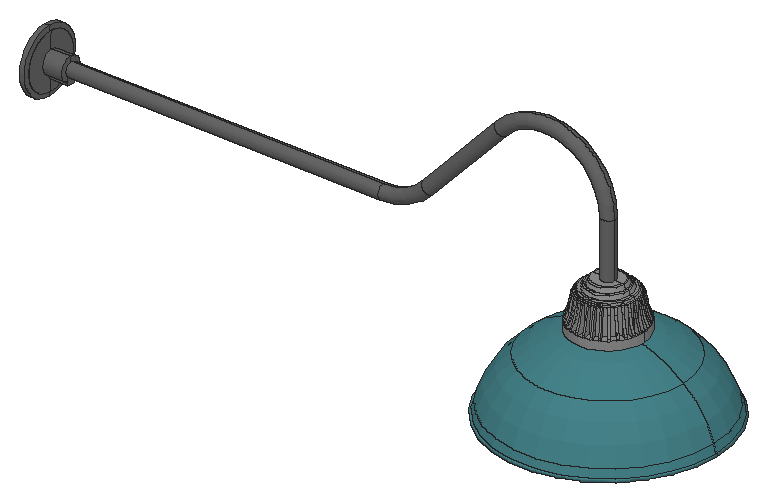
Revit family "Contempo Bistro BBU", category Lighting Fixtures, Revit 2020
Family settings
  Round Connector Dimension = Use Diameter
  Part Type = Normal
  OmniClass Number = 23.80.70.00
  OmniClass Title = Lighting
  Work Plane-Based = No
  Always vertical = Yes
  Cut with Voids When Loaded = No
  Light Source = Yes
  Shared = No
  Room Calculation Point = No
Parameters (values of type "BBU16")
  b = 0' - 3"
  a = 0' - 9"
  Weight = "4.2lb"
  Wattage Comments = "200W"
  Wattage = 9.2903 W
  Warranty = "5 year limited warranty"  # constant formula
  built-in parameter 1150110 = 1 (stored number, unit not read)
  Voltage = 120 V
  URL = "https://www.anplighting.com/assets/Uploads/product-attachments/specification-sheets/ANP-Specification-Sheet-INC-BBU16.pdf"
  built-in parameter 1114217 = 1 (stored number, unit not read)
  Tilt Angle = 90.00°
  built-in parameter 1150109 = 1 (stored number, unit not read)
  built-in parameter 1150134 = 3
  built-in parameter 1150113 = 1 (stored number, unit not read)
  Photometric Web File = "generic"
  built-in parameter 1150142 = (empty or 0)
  Mounting Option [instance] = 4
  Power Factor = 1
  Post Mount [instance] = Mounting Option = 5  # no
  Placement X axis side [instance] = if(Post Mount, 2' 2 15/32", if(Cord or Stem Mount, 0' 0", if(E36 20 inch, 1' 8 1/4", if(E 6 26 inch, 2' 2", if(E7 41 inch, 3' 5 1/4", 0' 1")))))  # 3' - 5 1/4"
  Model = "BBU16"
  Manufacturer = "ANP Lighting"  # constant formula
  built-in parameter 1150105 = 109.82 (stored number, unit not read)
  Lumens = 1380 lm
  built-in parameter 1150115 = 1 (stored number, unit not read)
  Load Classification = Lighting
  Light Source Height [instance] = 0' - 0"
  built-in parameter 1150137 = (empty or 0)
  built-in parameter 1150139 = (empty or 0)
  Light Elevation _2 [instance] = if(Post Mount, 0' 0.66142", if(E7 41 inch, 0' 0.66142", if(E36 20 inch, 0' 1.65748", if(E 6 26 inch, 0' 1.53543", if(Cord or Stem Mount, (0' 4.3622" + Cord Length), 0' 0")))))  # 0' - 0.66142"
  Light Elevation _1 [instance] = if(Post Mount, 0' 0", if(E7 41 inch, 0' 0", if(E36 20 inch, 0' 1", if(E 6 26 inch, 0' 0.87402", if(Cord or Stem Mount, (0' 3.66142" + Cord Length), 0' 0")))))  # 0' - 0"
  Light Elevation [instance] = if(Post Mount, 14' 0.5315", if(E7 41 inch, 0' 0", 0' 0"))  # 0' - 0"
  Life = "L70 50,000 hours"  # constant formula
  built-in parameter 1150112 = 1 (stored number, unit not read)
  built-in parameter 1150114 = 1 (stored number, unit not read)
  Lamp = ""
  built-in parameter 1150132 = (empty or 0)
  built-in parameter 1150102 = (empty or 0)
  built-in parameter 1150107 = 3200 (stored number, unit not read)
  built-in parameter 1150138 = (empty or 0)
  built-in parameter 1150106 = 1.0982 (stored number, unit not read)
  HUB = Putty
  Fixture Height = 0' - 9"
  Fixture Diameter = 1' - 4"
  Efficiency = "65-125 lumens per watt"  # constant formula
  built-in parameter 1150104 = 13.8 (stored number, unit not read)
  E7 41 inch [instance] = Mounting Option = 4  # yes
  E36 20 inch [instance] = Mounting Option = 3  # no
  E 6 26 inch [instance] = Mounting Option = 2  # no
  Dimming Lamp Color Temperature Shift = <None>
  Dimming = "1%"  # constant formula
  Description = "120-277 Voltage"  # constant formula
  Default Elevation = 0' - 0"
  Cord or Stem Mount [instance] = Mounting Option = 1  # no
  Cord Length option [instance] = 0
  Cord Length [instance] = if([2' Cord], 2' 0", if([4' Cord], 4' 0", if([8' Cord], 8' 0", if([10' Cord], 10' 0", if([6' Cord], 6' 0", 6' 0")))))  # 6' - 0"
  Construction Material = "Heavy Duty spun aluminum."  # constant formula
  Color Filter = 16777215
  Canopy Body = Aqua Green
  CRI = ">90"  # constant formula
  Body Material = body
  Body Colour = "Spun aluminium"  # constant formula
  built-in parameter 1114218 = 1 (stored number, unit not read)
  BULB = yes
  BBU22 = no
  BBU19 = no
  BBU16 = yes
  BBU14 = no
  built-in parameter 1150133 = 10 (stored number, unit not read)
  Apparent Load = 10 VA
  8' Cord [instance] = Cord Length option = 8  # no
  6' Cord [instance] = Cord Length option = 6  # no
  4' Cord [instance] = Cord Length option = 4  # no
  2' Cord [instance] = Cord Length option = 2  # no
  10' Cord [instance] = Cord Length option = 10  # no
Reference planes (in)
  plane 1 "Light Source Axis (F/B)": y = 0
  plane 2: z = 0
  plane 3 "Light Source Axis (L/R)": x = 0
  plane 4 "Light Source Elevation": z = 0
  plane 5: z = 0
  plane 6: x = 41.25
  plane 7 "Bulb Position": z = -0.66142
  plane 8 "Canopy Position": z = 0
  plane 9 "IES": z = -0.66142
  plane 10: z = 164.5315
  plane 11: z = -9
  plane 12: z = -6
  plane 13: z = -3.56887
Dimensions and locks (in)
  "Light Elevation": plane 5 to plane 2
  "Placement X axis side": plane 6 to plane 3 "Light Source Axis (L/R)"
  "Light Elevation _2": plane 5 to plane 7 "Bulb Position"
  "Light Elevation _1": plane 5 to plane 8 "Canopy Position"
  "Light Source Height": plane 7 "Bulb Position" to plane 9 "IES"
  locked: plane 4 "Light Source Elevation" to plane 2
  "a": plane 8 "Canopy Position" to plane 11
  "b": plane 12 to plane 11
  locked: plane 13 to plane 12 at 2.43113
  aligned and locked: level to plane 2
  aligned and locked: plane 1 "Light Source Axis (F/B)" to nested 5
  aligned and locked: nested 5 to plane 2
  aligned and locked: nested 1 to plane 3 "Light Source Axis (L/R)"
  aligned and locked: plane 3 "Light Source Axis (L/R)" to nested 2
  aligned and locked: plane 3 "Light Source Axis (L/R)" to nested 4
  aligned and locked: nested 3 to plane 5
  aligned and locked: plane 3 "Light Source Axis (L/R)" to nested 3
  aligned and locked: plane 1 "Light Source Axis (F/B)" to nested 2
  aligned and locked: plane 1 "Light Source Axis (F/B)" to nested 1
  aligned and locked: plane 1 "Light Source Axis (F/B)" to nested 4
  aligned and locked: plane 1 "Light Source Axis (F/B)" to nested 3
  aligned and locked: plane 2 to nested 1
  aligned and locked: nested 2 to plane 2
  aligned and locked: nested 4 to plane 2
  aligned and locked: plane 6 to imposter light
  aligned and locked: imposter light to plane 12
  aligned and locked: imposter light to plane 1 "Light Source Axis (F/B)"
  aligned and locked: plane 1 "Light Source Axis (F/B)" to nested 6
  aligned and locked: plane 6 to nested 6
  aligned and locked: plane 8 "Canopy Position" to nested 6
  aligned and locked: plane 1 "Light Source Axis (F/B)" to nested 7
  aligned and locked: plane 8 "Canopy Position" to nested 7
  aligned and locked: plane 1 "Light Source Axis (F/B)" to nested 8
  aligned and locked: plane 8 "Canopy Position" to nested 8
  aligned and locked: plane 1 "Light Source Axis (F/B)" to nested 9
  aligned and locked: plane 6 to nested 9
  aligned and locked: plane 8 "Canopy Position" to nested 9
  aligned and locked: plane 6 to nested 8
  aligned and locked: plane 6 to nested 7
Nested families (in)
  nested 1: "CORD OR STEM MOUNT" at (0, 0, -75.67), visible <- "Cord or Stem Mount", Cord or Stem Mount <- "Cord or Stem Mount", Body Material <- "Body Material", Light Elevation <- "Light Elevation", Cord Length <- "Cord Length", 10' Cord <- "10' Cord", 2' Cord <- "2' Cord", 4' Cord <- "4' Cord", 6' Cord <- "6' Cord", 8' Cord <- "8' Cord", type "CORD OR STEM MOUNT"
    with Light Elevation 0' - 0", Cord or Stem Mount no, Cord Length 6' - 0", Body Material body, 8' Cord no, 6' Cord no, 4' Cord no, 2' Cord no, 10' Cord no
  nested 2: "E6 26 INCH" at (41.25, 0, 0), visible <- "E 6 26 inch", Chain Length <- "Cord Length", E 6 26 inch <- "E 6 26 inch", Placement X axis side <- "Placement X axis side", Body Material <- "Body Material", Light Elevation <- "Light Elevation", type "E6 26 INCH"
    with Placement X axis side 3' - 5 1/4", Light Elevation 0' - 0", E 6 26 inch no, Chain Length 6' - 0", Body Material body
  nested 3: "E7 41 INCH" at (41.25, 0, 0), Chain Length <- "Cord Length", visible <- "E7 41 inch", E7 41 inch <- "E7 41 inch", Placement X axis side <- "Placement X axis side", Body Material <- "Body Material", Light Elevation <- "Light Elevation", type "E7 41 INCH"
    with Placement X axis side 3' - 5 1/4", Light Elevation 0' - 0", E7 41 inch yes, Chain Length 6' - 0", Body Material body
  nested 4: "E36 20 INCH" at (41.25, 0, 0), visible <- "E36 20 inch", E36 20 inch <- "E36 20 inch", Placement X axis side <- "Placement X axis side", Chain Length <- "Cord Length", Body Material <- "Body Material", Light Elevation <- "Light Elevation", type "E36 20 INCH"
    with Placement X axis side 3' - 5 1/4", Light Elevation 0' - 0", E36 20 inch no, Chain Length 6' - 0", Body Material body
  nested 5: "POST MOUNT" at (41.25, 0, 0), visible <- "Post Mount", Post Mount <- "Post Mount", Placement X axis side <- "Placement X axis side", Chain Length <- "Cord Length", Body Material <- "Body Material", Light Elevation <- "Light Elevation", type "POST MOUNT"
    with Post Mount no, Placement X axis side 3' - 5 1/4", Light Elevation 0' - 0", Chain Length 6' - 0", Body Material body
  nested 6: "BBU14_1" at (41.25, 0, 0), visible <- "BBU14", BBU14 <- "BBU14", Body <- "Canopy Body", HUB <- "HUB", Light Elevation <- "Light Elevation", type "BBU14_1"
    with Light Elevation 0' - 0", HUB Putty, Body Aqua Green, BBU14 no
  nested 7: "BBU16_1" at (41.25, 0, 0), Light Elevation <- "Light Elevation", HUB <- "HUB", Body <- "Canopy Body", BBU16 <- "BBU16", visible <- "BBU16", type "BBU16_1"
    with Light Elevation 0' - 0", HUB Putty, Body Aqua Green, BBU16 yes
  nested 8: "BBU19_1" at (41.25, 0, 0), BBU19 <- "BBU19", visible <- "BBU19", Body <- "Canopy Body", HUB <- "HUB", Light Elevation <- "Light Elevation", type "BBU19_1"
    with Light Elevation 0' - 0", HUB Putty, Body Aqua Green, BBU19 no
  nested 9: "BBU22_1" at (41.25, 0, 0), Body <- "Canopy Body", HUB <- "HUB", visible <- "BBU22", BBU22 <- "BBU22", Light Elevation <- "Light Elevation", type "BBU22_1"
    with Light Elevation 0' - 0", HUB Putty, Body Aqua Green, BBU22 no
Definition of nested family "E7 41 INCH"
  Parameters (values of type "E7 41 INCH")
    URL = ""
    Placement X axis side [instance] = 4' - 2"
    Model = ""
    Manufacturer = ""
    Light Elevation [instance] = 8' - 4"
    E7 41 inch [instance] = yes
    Default Elevation = 0' - 0"
    Chain Length [instance] = 0' - 0"
    Body Material [instance] = none
  Reference planes (in)
    plane 1 "Light Source Axis (F/B)": y = 0
    plane 2: z = 0
    plane 3 "Light Source Axis (L/R)": x = 0
    plane 4 "Light Source Elevation": z = 23.125
    plane 5: z = 100
    plane 6: x = -50
  Forms (in)
    Extrusion 1, void, not visible
      sketch origin (0, 0, 2.38154) x (1, 0, 0) y (0, 0, 1)
        loop
          circle (0, 4.59925) r 0.16583
      from 1.18594 to 1.75
    Extrusion 2, void, not visible
      sketch origin (0, 0, 2.38154) x (0.707107, -0.707107, 0) y (0, 0, 1)
        loop
          circle (0, 4.59925) r 0.16583
      from 1.18594 to 1.75
    Extrusion 3, void, not visible
      sketch origin (0, 0, 2.38154) x (0.707107, 0.707107, 0) y (0, 0, 1)
        loop
          circle (0, 4.59925) r 0.16583
      from 1.18594 to 1.75
    Extrusion 4, void, not visible
      sketch origin (0, 0, 2.38154) x (0, 1, 0) y (0, 0, 1)
        loop
          circle (0, 4.59925) r 0.16583
      from 1.18594 to 1.75
    Extrusion 5, void, not visible
      sketch origin (0, 0, 2.38154) x (-0.707107, 0.707107, 0) y (0, 0, 1)
        loop
          circle (0, 4.59925) r 0.16583
      from 1.18594 to 1.75
    Extrusion 6, void, not visible
      sketch origin (0, 0, 2.38154) x (-1, 0, 0) y (0, 0, 1)
        loop
          circle (0, 4.59925) r 0.20678
      from 1.18594 to 1.75
    Extrusion 7, void, not visible
      sketch origin (0, 0, 2.38154) x (-0.707107, -0.707107, 0) y (0, 0, 1)
        loop
          circle (0, 4.59925) r 0.16583
      from 1.18594 to 1.75
    Extrusion 8, void, not visible
      sketch origin (0, 0, 2.38154) x (0, -1, 0) y (0, 0, 1)
        loop
          circle (0, 4.59925) r 0.16583
      from 1.18594 to 1.75
    Revolve 9, solid, material <- "Body Material", visible <- "E7 41 inch"
      sketch origin (-41.25, 0, 168.39193) x (1, 0, 0) y (0, 0, 1)
        loop
          line (-8.75, -66.20443) -> (-8.75, -68.51693) -> (-6.87, -68.51693) -> (-6.87, -67.69272) -> (-8.2974, -67.69272) -> (-8.2974, -66.54122) -> (-8.41875, -66.54122) -> (-8.41875, -66.20443) -> (-8.75, -66.20443)
        axis (-8.75, -68.51693) -> (-6.87, -68.51693)
      angle from 0 to 360
    Extrusion 10, solid, material <- "Body Material", visible <- "E7 41 inch"
      sketch origin (-41.25, 0, 168.39193) x (0, -1, 0) y (0, 0, -1)
        loop
          line (0.25, 68.51693) -> (0.25, 69.51693) -> (-0.25, 69.51693) -> (-0.25, 68.51693) -> (0.25, 68.51693)
      from -8.2974 to -6.87
    Sweep 11, solid, material <- "Body Material", visible <- "E7 41 inch"
      path origin (-41.25, 0, 168.39193) x (1, 0, 0) y (0, 0, 1)
        loop
          line (-6.87, -68.51693) -> (16.04011, -68.51693)
          arc (16.04011, -68.51693) -> (17.864, -68.13651) -> (19.38375, -67.0587) r 4.5625
          line (19.38375, -67.0587) -> (24.70217, -61.33018)
          arc (24.70217, -61.33018) -> (29.64465, -60.20324) -> (32.5, -64.39193) r 4.5
          line (32.5, -64.39193) -> (32.5, -68.39193)
      profile origin (-36.66494, 0, 99.875) x (0, 0, 1) y (0, -1, 0)
        loop
          circle (0, 0) r 0.5
  Dimensions and locks (in)
    "Placement X axis side": plane 3 "Light Source Axis (L/R)" to plane 6
    "Light Elevation": plane 5 to plane 2
    locked: Revolve 9 sketch curve to Revolve 9 sketch curve at 0.33125
    locked: Revolve 9 sketch curve to Revolve 9 sketch curve at 0.4526
    locked: Revolve 9 sketch curve to Revolve 9 sketch curve at 1.88
    locked: Revolve 9 sketch curve to Revolve 9 sketch curve at 0.82421
    locked: Revolve 9 sketch curve to Revolve 9 sketch curve at 1.1515
    locked: Revolve 9 sketch curve to Revolve 9 sketch curve at 0.33679
    locked: plane 5 to Revolve 9 sketch curve at 0.125
    locked: Extrusion 10 sketch curve to Extrusion 10 sketch curve at 0.5
    locked: Extrusion 10 sketch curve to Extrusion 10 sketch curve at 1
    locked: plane 5 to Extrusion 10 sketch curve at 0.125
    locked: plane 5 to Sweep 11 sketch curve at 0.125
    locked: Sweep 11 sketch curve to Sweep 11 sketch curve at 39.37
    locked: Sweep 11 sketch curve to Sweep 11 sketch curve at 4
    locked: plane 6 to Extrusion 10 at 0.4526
    locked: Sweep 11 sketch curve to plane 6 at 1.88
    locked: Extrusion 10 to Extrusion 10 at 1.4274
    aligned and locked: plane 2 to level
    aligned and locked: Revolve 9 sketch curve to plane 6
  Automatic sketch dimensions
    Revolve 9 sketch curve to plane 5 = 0' - 0 1/8"
    plane 6 to Revolve 9 sketch curve = 0' - 0.62562"
    Revolve 9 sketch curve to Revolve 9 sketch curve = 0' - 0 1/2"
    plane 1 "Light Source Axis (F/B)" to Extrusion 10 sketch curve = 0' - 0 1/4"
    Sweep 11 sketch curve to plane 5 = 0' - 0"
    Sweep 11 sketch curve to Sweep 11 sketch curve = 0' - 4 1/2"
    Sweep 11 sketch curve to Sweep 11 sketch curve = 0' - 3.29783"
    plane 5 to Sweep 11 sketch curve = 0' - 1.33323"
    Sweep 11 sketch curve to Sweep 11 sketch curve = 0' - 5.31842"
    Sweep 11 sketch curve to Sweep 11 sketch curve = 0' - 3.34364"
    profile plane to Sweep 11 sketch curve = 0' - 0"
    Sweep 11 sketch curve to profile plane = 0' - 0"
    radius of Sweep 11 sketch curve = 0' - 0 1/2"
Definition of nested family "BBU16_1"
  Parameters
    Light Elevation [instance] = 4' - 0"
    HUB [instance] = none
    Default Elevation = 0' - 0"
    Body [instance] = none
    BBU16 [instance] = yes
  Reference planes (in)
    plane 1 "Center (Front/Back)": y = 0
    plane 2: z = 0
    plane 3 "Center (Left/Right)": x = 0
    plane 4: z = 48
  Dimensions and locks (in)
    "Light Elevation": plane 4 to plane 2
    aligned and locked: plane 2 to level
    aligned and locked: plane 1 "Center (Front/Back)" to nested 1
    aligned and locked: plane 3 "Center (Left/Right)" to nested 1
    aligned and locked: plane 4 to nested 1
  Nested families (in)
    nested 1: "BBU16" at (0, 0, 39), visible <- "BBU16", SHADE <- "Body", HUB <- "HUB", BBU16 <- "BBU16", type "BBU16"
  Definition of nested family "BBU16"
    Parameters (values of type "BBU16")
      SHADE [instance] = none
      HUB [instance] = none
      Default Elevation = 0' - 0"
      BBU16 [instance] = yes
    Reference planes (in)
      plane 1 "Center (Front/Back)": y = 0
      plane 2: z = 0
      plane 3 "Center (Left/Right)": x = 0
      plane 4: x = -8
      plane 5: z = 9
    Forms (in)
      Revolve 1, solid, material <- "SHADE", visible <- "BBU16"
        sketch origin (0, 0, 0) x (1, 0, 0) y (0, 0, 1)
          loop
            line (-1.93437, 6.26172) -> (-1.98437, 6.26172) -> (-2.23437, 6.01172) -> (-2.23437, 5.64641)
            arc (-2.23437, 5.64641) -> (-3.99968, 5.04175) -> (-5.55465, 4.01026) r 7.31734
            arc (-5.55465, 4.01026) -> (-6.84861, 2.53938) -> (-7.70076, 0.77538) r 7.23827
            arc (-7.70076, 0.77538) -> (-7.7865, 0.50275) -> (-7.87744, 0.2318) r 14.96105
            arc (-7.87744, 0.2318) -> (-7.993, 0.10696) -> (-7.85961, 0.00138) r 0.1159
            arc (-7.85961, 0.00138) -> (-7.73059, 0.3727) -> (-7.61132, 0.74725) r 15.0548
            arc (-7.61132, 0.74725) -> (-6.77025, 2.48792) -> (-5.49329, 3.93938) r 7.14452
            arc (-5.49329, 3.93938) -> (-3.92393, 4.97445) -> (-2.14062, 5.56951) r 7.22359
            line (-2.14062, 5.56951) -> (-2.14062, 5.97289) -> (-1.91808, 6.19543)
            arc (-1.91808, 6.19543) -> (-1.90024, 6.23496) -> (-1.93437, 6.26172) r 0.03515
          axis (0, 0.00138) -> (0, 6.26172)
        angle from 0 to 360
      Revolve 2, solid, material <- "HUB", visible <- "BBU16"
        sketch origin (0, 0, -0.90267) x (1, 0, 0) y (0, 0, 1)
          loop
            arc (-1.09903, 9.90267) -> (-1.13694, 9.89312) -> (-1.16579, 9.86676) r 0.08
            line (-1.16579, 9.86676) -> (-1.29313, 9.59416) -> (-1.41054, 9.59416)
            arc (-1.41054, 9.59416) -> (-1.45353, 9.58163) -> (-1.48305, 9.54797) r 0.08
            line (-1.48305, 9.54797) -> (-1.59547, 9.30689) -> (-1.79547, 9.30689)
            arc (-1.79547, 9.30689) -> (-1.84894, 9.28639) -> (-1.87501, 9.23539) r 0.08
            arc (-1.87501, 9.23539) -> (-1.89411, 9.17729) -> (-1.93534, 9.13211) r 0.14595
            arc (-1.93534, 9.13211) -> (-1.97647, 9.10191) -> (-2.01677, 9.07061) r 1.89392
            arc (-2.01677, 9.07061) -> (-2.14099, 8.88463) -> (-2.18385, 8.66511) r 0.56845
            arc (-2.18385, 8.66511) -> (-2.3223, 7.96682) -> (-2.5672, 7.29839) r 4.58402
            arc (-2.5672, 7.29839) -> (-2.59166, 7.23933) -> (-2.6, 7.17595) r 0.24491
            line (-2.6, 7.17595) -> (-2.6, 6.55689) -> (-2.28, 6.55689) -> (-2.28, 6.93689) -> (-2, 7.18689) -> (-1.74987, 8.96668)
            arc (-1.74987, 8.96668) -> (-1.66631, 9.12057) -> (-1.5023, 9.18189) r 0.25
            line (-1.5023, 9.18189) -> (-0.3125, 9.18189) -> (-0.3125, 9.90267) -> (-1.09903, 9.90267)
          axis (0, 9.90267) -> (0, 6.55689)
        angle from 0 to 360
      Extrusion 3, void
        sketch origin (0, 0, -0.90267) x (1, 0, 0) y (0, 0, 1)
          loop
            arc (0.1562, 8.94175) -> (0, 9.10087) -> (-0.1562, 8.94175) r 0.15622
            arc (-0.1562, 8.94175) -> (-0.16453, 8.05868) -> (-0.1893, 7.17593) r 47.42066
            line (-0.1893, 7.17593) -> (0.1893, 7.17593)
            arc (0.1893, 7.17593) -> (0.16453, 8.05868) -> (0.1562, 8.94175) r 47.42066
        from 2.01546 to 2.60892
      Extrusion 4, void
        sketch origin (0, 0, -0.90267) x (-1, 0, 0) y (0, 0, 1)
          loop
            arc (0.1562, 8.94175) -> (0, 9.10087) -> (-0.1562, 8.94175) r 0.15622
            arc (-0.1562, 8.94175) -> (-0.16453, 8.05868) -> (-0.1893, 7.17593) r 47.42066
            line (-0.1893, 7.17593) -> (0.1893, 7.17593)
            arc (0.1893, 7.17593) -> (0.16453, 8.05868) -> (0.1562, 8.94175) r 47.42066
        from 2.01546 to 2.60892
      Extrusion 5, void
        sketch origin (0, 0, -0.90267) x (0.980785, 0.19509, 0) y (0, 0, 1)
          loop
            arc (0.1562, 8.94175) -> (0, 9.10087) -> (-0.1562, 8.94175) r 0.15622
            arc (-0.1562, 8.94175) -> (-0.16453, 8.05868) -> (-0.1893, 7.17593) r 47.42066
            line (-0.1893, 7.17593) -> (0.1893, 7.17593)
            arc (0.1893, 7.17593) -> (0.16453, 8.05868) -> (0.1562, 8.94175) r 47.42066
        from 2.01546 to 2.60892
      Extrusion 6, void
        sketch origin (0, 0, -0.90267) x (-0.980785, -0.19509, 0) y (0, 0, 1)
          loop
            arc (0.1562, 8.94175) -> (0, 9.10087) -> (-0.1562, 8.94175) r 0.15622
            arc (-0.1562, 8.94175) -> (-0.16453, 8.05868) -> (-0.1893, 7.17593) r 47.42066
            line (-0.1893, 7.17593) -> (0.1893, 7.17593)
            arc (0.1893, 7.17593) -> (0.16453, 8.05868) -> (0.1562, 8.94175) r 47.42066
        from 2.01546 to 2.60892
      Extrusion 7, void
        sketch origin (0, 0, -0.90267) x (0.92388, 0.382683, 0) y (0, 0, 1)
          loop
            arc (0.1562, 8.94175) -> (0, 9.10087) -> (-0.1562, 8.94175) r 0.15622
            arc (-0.1562, 8.94175) -> (-0.16453, 8.05868) -> (-0.1893, 7.17593) r 47.42066
            line (-0.1893, 7.17593) -> (0.1893, 7.17593)
            arc (0.1893, 7.17593) -> (0.16453, 8.05868) -> (0.1562, 8.94175) r 47.42066
        from 2.03855 to 2.60892
      Extrusion 8, void
        sketch origin (0, 0, -0.90267) x (-0.92388, -0.382683, 0) y (0, 0, 1)
          loop
            arc (0.1562, 8.94175) -> (0, 9.10087) -> (-0.1562, 8.94175) r 0.15622
            arc (-0.1562, 8.94175) -> (-0.16453, 8.05868) -> (-0.1893, 7.17593) r 47.42066
            line (-0.1893, 7.17593) -> (0.1893, 7.17593)
            arc (0.1893, 7.17593) -> (0.16453, 8.05868) -> (0.1562, 8.94175) r 47.42066
        from 2.01546 to 2.60892
      Extrusion 9, void
        sketch origin (0, 0, -0.90267) x (0.83147, 0.55557, 0) y (0, 0, 1)
          loop
            arc (0.1562, 8.94175) -> (0, 9.10087) -> (-0.1562, 8.94175) r 0.15622
            arc (-0.1562, 8.94175) -> (-0.16453, 8.05868) -> (-0.1893, 7.17593) r 47.42066
            line (-0.1893, 7.17593) -> (0.1893, 7.17593)
            arc (0.1893, 7.17593) -> (0.16453, 8.05868) -> (0.1562, 8.94175) r 47.42066
        from 2.01546 to 2.60892
      Extrusion 10, void
        sketch origin (0, 0, -0.90267) x (-0.83147, -0.55557, 0) y (0, 0, 1)
          loop
            arc (0.1562, 8.94175) -> (0, 9.10087) -> (-0.1562, 8.94175) r 0.15622
            arc (-0.1562, 8.94175) -> (-0.16453, 8.05868) -> (-0.1893, 7.17593) r 47.42066
            line (-0.1893, 7.17593) -> (0.1893, 7.17593)
            arc (0.1893, 7.17593) -> (0.16453, 8.05868) -> (0.1562, 8.94175) r 47.42066
        from 2.01546 to 2.60892
      Extrusion 11, void
        sketch origin (0, 0, -0.90267) x (0.707107, 0.707107, 0) y (0, 0, 1)
          loop
            arc (0.1562, 8.94175) -> (0, 9.10087) -> (-0.1562, 8.94175) r 0.15622
            arc (-0.1562, 8.94175) -> (-0.16453, 8.05868) -> (-0.1893, 7.17593) r 47.42066
            line (-0.1893, 7.17593) -> (0.1893, 7.17593)
            arc (0.1893, 7.17593) -> (0.16453, 8.05868) -> (0.1562, 8.94175) r 47.42066
        from 2.01546 to 2.60892
      Extrusion 12, void
        sketch origin (0, 0, -0.90267) x (-0.707107, -0.707107, 0) y (0, 0, 1)
          loop
            arc (0.1562, 8.94175) -> (0, 9.10087) -> (-0.1562, 8.94175) r 0.15622
            arc (-0.1562, 8.94175) -> (-0.16453, 8.05868) -> (-0.1893, 7.17593) r 47.42066
            line (-0.1893, 7.17593) -> (0.1893, 7.17593)
            arc (0.1893, 7.17593) -> (0.16453, 8.05868) -> (0.1562, 8.94175) r 47.42066
        from 2.01546 to 2.60892
      Extrusion 13, void
        sketch origin (0, 0, -0.90267) x (0.980785, -0.19509, 0) y (0, 0, 1)
          loop
            arc (0.1562, 8.94175) -> (0, 9.10087) -> (-0.1562, 8.94175) r 0.15622
            arc (-0.1562, 8.94175) -> (-0.16453, 8.05868) -> (-0.1893, 7.17593) r 47.42066
            line (-0.1893, 7.17593) -> (0.1893, 7.17593)
            arc (0.1893, 7.17593) -> (0.16453, 8.05868) -> (0.1562, 8.94175) r 47.42066
        from 2.01546 to 2.60892
      Extrusion 14, void
        sketch origin (0, 0, -0.90267) x (-0.980785, 0.19509, 0) y (0, 0, 1)
          loop
            arc (0.1562, 8.94175) -> (0, 9.10087) -> (-0.1562, 8.94175) r 0.15622
            arc (-0.1562, 8.94175) -> (-0.16453, 8.05868) -> (-0.1893, 7.17593) r 47.42066
            line (-0.1893, 7.17593) -> (0.1893, 7.17593)
            arc (0.1893, 7.17593) -> (0.16453, 8.05868) -> (0.1562, 8.94175) r 47.42066
        from 2.01546 to 2.60892
      Extrusion 15, void
        sketch origin (0, 0, -0.90267) x (0.92388, -0.382683, 0) y (0, 0, 1)
          loop
            arc (0.1562, 8.94175) -> (0, 9.10087) -> (-0.1562, 8.94175) r 0.15622
            arc (-0.1562, 8.94175) -> (-0.16453, 8.05868) -> (-0.1893, 7.17593) r 47.42066
            line (-0.1893, 7.17593) -> (0.1893, 7.17593)
            arc (0.1893, 7.17593) -> (0.16453, 8.05868) -> (0.1562, 8.94175) r 47.42066
        from 2.01546 to 2.60892
      Extrusion 16, void
        sketch origin (0, 0, -0.90267) x (-0.92388, 0.382683, 0) y (0, 0, 1)
          loop
            arc (0.1562, 8.94175) -> (0, 9.10087) -> (-0.1562, 8.94175) r 0.15622
            arc (-0.1562, 8.94175) -> (-0.16453, 8.05868) -> (-0.1893, 7.17593) r 47.42066
            line (-0.1893, 7.17593) -> (0.1893, 7.17593)
            arc (0.1893, 7.17593) -> (0.16453, 8.05868) -> (0.1562, 8.94175) r 47.42066
        from 2.01546 to 2.60892
      Extrusion 17, void
        sketch origin (0, 0, -0.90267) x (0.83147, -0.55557, 0) y (0, 0, 1)
          loop
            arc (0.1562, 8.94175) -> (0, 9.10087) -> (-0.1562, 8.94175) r 0.15622
            arc (-0.1562, 8.94175) -> (-0.16453, 8.05868) -> (-0.1893, 7.17593) r 47.42066
            line (-0.1893, 7.17593) -> (0.1893, 7.17593)
            arc (0.1893, 7.17593) -> (0.16453, 8.05868) -> (0.1562, 8.94175) r 47.42066
        from 2.02945 to 2.60892
      Extrusion 18, void
        sketch origin (0, 0, -0.90267) x (-0.83147, 0.55557, 0) y (0, 0, 1)
          loop
            arc (0.1562, 8.94175) -> (0, 9.10087) -> (-0.1562, 8.94175) r 0.15622
            arc (-0.1562, 8.94175) -> (-0.16453, 8.05868) -> (-0.1893, 7.17593) r 47.42066
            line (-0.1893, 7.17593) -> (0.1893, 7.17593)
            arc (0.1893, 7.17593) -> (0.16453, 8.05868) -> (0.1562, 8.94175) r 47.42066
        from 2.01546 to 2.60892
      Extrusion 19, void
        sketch origin (0, 0, -0.90267) x (0.707107, -0.707107, 0) y (0, 0, 1)
          loop
            arc (0.1562, 8.94175) -> (0, 9.10087) -> (-0.1562, 8.94175) r 0.15622
            arc (-0.1562, 8.94175) -> (-0.16453, 8.05868) -> (-0.1893, 7.17593) r 47.42066
            line (-0.1893, 7.17593) -> (0.1893, 7.17593)
            arc (0.1893, 7.17593) -> (0.16453, 8.05868) -> (0.1562, 8.94175) r 47.42066
        from 2.01546 to 2.60892
      Extrusion 20, void
        sketch origin (0, 0, -0.90267) x (-0.707107, 0.707107, 0) y (0, 0, 1)
          loop
            arc (0.1562, 8.94175) -> (0, 9.10087) -> (-0.1562, 8.94175) r 0.15622
            arc (-0.1562, 8.94175) -> (-0.16453, 8.05868) -> (-0.1893, 7.17593) r 47.42066
            line (-0.1893, 7.17593) -> (0.1893, 7.17593)
            arc (0.1893, 7.17593) -> (0.16453, 8.05868) -> (0.1562, 8.94175) r 47.42066
        from 2.04722 to 2.60892
      Extrusion 21, void
        sketch origin (-0.00391, 0, -0.90267) x (0.382683, -0.92388, 0) y (0, 0, 1)
          loop
            arc (0.1562, 8.94175) -> (0, 9.10087) -> (-0.1562, 8.94175) r 0.15622
            arc (-0.1562, 8.94175) -> (-0.16453, 8.05868) -> (-0.1893, 7.17593) r 47.42066
            line (-0.1893, 7.17593) -> (0.1893, 7.17593)
            arc (0.1893, 7.17593) -> (0.16453, 8.05868) -> (0.1562, 8.94175) r 47.42066
        from 2.02883 to 2.60892
      Extrusion 22, void
        sketch origin (0, 0, -0.90267) x (-0.382683, 0.92388, 0) y (0, 0, 1)
          loop
            arc (0.1562, 8.94175) -> (0, 9.10087) -> (-0.1562, 8.94175) r 0.15622
            arc (-0.1562, 8.94175) -> (-0.16453, 8.05868) -> (-0.1893, 7.17593) r 47.42066
            line (-0.1893, 7.17593) -> (0.1893, 7.17593)
            arc (0.1893, 7.17593) -> (0.16453, 8.05868) -> (0.1562, 8.94175) r 47.42066
        from 2.03251 to 2.60892
      Extrusion 23, void
        sketch origin (-0.00391, 0, -0.90267) x (0.19509, -0.980785, 0) y (0, 0, 1)
          loop
            arc (0.1562, 8.94175) -> (0, 9.10087) -> (-0.1562, 8.94175) r 0.15622
            arc (-0.1562, 8.94175) -> (-0.16453, 8.05868) -> (-0.1893, 7.17593) r 47.42066
            line (-0.1893, 7.17593) -> (0.1893, 7.17593)
            arc (0.1893, 7.17593) -> (0.16453, 8.05868) -> (0.1562, 8.94175) r 47.42066
        from 2.02341 to 2.60892
      Extrusion 24, void
        sketch origin (0, 0, -0.90267) x (-0.19509, 0.980785, 0) y (0, 0, 1)
          loop
            arc (0.1562, 8.94175) -> (0, 9.10087) -> (-0.1562, 8.94175) r 0.15622
            arc (-0.1562, 8.94175) -> (-0.16453, 8.05868) -> (-0.1893, 7.17593) r 47.42066
            line (-0.1893, 7.17593) -> (0.1893, 7.17593)
            arc (0.1893, 7.17593) -> (0.16453, 8.05868) -> (0.1562, 8.94175) r 47.42066
        from 2.04196 to 2.60892
      Extrusion 25, void
        sketch origin (0, 0, -0.90267) x (0.55557, 0.83147, 0) y (0, 0, 1)
          loop
            arc (0.1562, 8.94175) -> (0, 9.10087) -> (-0.1562, 8.94175) r 0.15622
            arc (-0.1562, 8.94175) -> (-0.16453, 8.05868) -> (-0.1893, 7.17593) r 47.42066
            line (-0.1893, 7.17593) -> (0.1893, 7.17593)
            arc (0.1893, 7.17593) -> (0.16453, 8.05868) -> (0.1562, 8.94175) r 47.42066
        from 2.02974 to 2.60892
      Extrusion 26, void
        sketch origin (0, 0, -0.90267) x (-0.55557, -0.83147, 0) y (0, 0, 1)
          loop
            arc (0.1562, 8.94175) -> (0, 9.10087) -> (-0.1562, 8.94175) r 0.15622
            arc (-0.1562, 8.94175) -> (-0.16453, 8.05868) -> (-0.1893, 7.17593) r 47.42066
            line (-0.1893, 7.17593) -> (0.1893, 7.17593)
            arc (0.1893, 7.17593) -> (0.16453, 8.05868) -> (0.1562, 8.94175) r 47.42066
        from 2.03706 to 2.60892
      Extrusion 27, void
        sketch origin (0, 0, -0.90267) x (0.382683, 0.92388, 0) y (0, 0, 1)
          loop
            arc (0.1562, 8.94175) -> (0, 9.10087) -> (-0.1562, 8.94175) r 0.15622
            arc (-0.1562, 8.94175) -> (-0.16453, 8.05868) -> (-0.1893, 7.17593) r 47.42066
            line (-0.1893, 7.17593) -> (0.1893, 7.17593)
            arc (0.1893, 7.17593) -> (0.16453, 8.05868) -> (0.1562, 8.94175) r 47.42066
        from 2.03226 to 2.60892
      Extrusion 28, void
        sketch origin (0, 0, -0.90267) x (-0.382683, -0.92388, 0) y (0, 0, 1)
          loop
            arc (0.1562, 8.94175) -> (0, 9.10087) -> (-0.1562, 8.94175) r 0.15622
            arc (-0.1562, 8.94175) -> (-0.16453, 8.05868) -> (-0.1893, 7.17593) r 47.42066
            line (-0.1893, 7.17593) -> (0.1893, 7.17593)
            arc (0.1893, 7.17593) -> (0.16453, 8.05868) -> (0.1562, 8.94175) r 47.42066
        from 2.03901 to 2.60892
      Extrusion 29, void
        sketch origin (0, 0, -0.90267) x (0.19509, 0.980785, 0) y (0, 0, 1)
          loop
            arc (0.1562, 8.94175) -> (0, 9.10087) -> (-0.1562, 8.94175) r 0.15622
            arc (-0.1562, 8.94175) -> (-0.16453, 8.05868) -> (-0.1893, 7.17593) r 47.42066
            line (-0.1893, 7.17593) -> (0.1893, 7.17593)
            arc (0.1893, 7.17593) -> (0.16453, 8.05868) -> (0.1562, 8.94175) r 47.42066
        from 2.03393 to 2.60892
      Extrusion 30, void
        sketch origin (0, 0, -0.90267) x (-0.19509, -0.980785, 0) y (0, 0, 1)
          loop
            arc (0.1562, 8.94175) -> (0, 9.10087) -> (-0.1562, 8.94175) r 0.15622
            arc (-0.1562, 8.94175) -> (-0.16453, 8.05868) -> (-0.1893, 7.17593) r 47.42066
            line (-0.1893, 7.17593) -> (0.1893, 7.17593)
            arc (0.1893, 7.17593) -> (0.16453, 8.05868) -> (0.1562, 8.94175) r 47.42066
        from 2.0371 to 2.60892
      Extrusion 31, void
        sketch origin (0, 0, -0.90267) x (0, 1, 0) y (0, 0, 1)
          loop
            arc (0.1562, 8.94175) -> (0, 9.10087) -> (-0.1562, 8.94175) r 0.15622
            arc (-0.1562, 8.94175) -> (-0.16453, 8.05868) -> (-0.1893, 7.17593) r 47.42066
            line (-0.1893, 7.17593) -> (0.1893, 7.17593)
            arc (0.1893, 7.17593) -> (0.16453, 8.05868) -> (0.1562, 8.94175) r 47.42066
        from 2.04193 to 2.60892
      Extrusion 32, void
        sketch origin (0, 0, -0.90267) x (0, -1, 0) y (0, 0, 1)
          loop
            arc (0.1562, 8.94175) -> (0, 9.10087) -> (-0.1562, 8.94175) r 0.15622
            arc (-0.1562, 8.94175) -> (-0.16453, 8.05868) -> (-0.1893, 7.17593) r 47.42066
            line (-0.1893, 7.17593) -> (0.1893, 7.17593)
            arc (0.1893, 7.17593) -> (0.16453, 8.05868) -> (0.1562, 8.94175) r 47.42066
        from 2.03697 to 2.60892
      Extrusion 33, void
        sketch origin (0, 0, -0.90267) x (0.55557, -0.83147, 0) y (0, 0, 1)
          loop
            arc (0.1562, 8.94175) -> (0, 9.10087) -> (-0.1562, 8.94175) r 0.15622
            arc (-0.1562, 8.94175) -> (-0.16453, 8.05868) -> (-0.1893, 7.17593) r 47.42066
            line (-0.1893, 7.17593) -> (0.1893, 7.17593)
            arc (0.1893, 7.17593) -> (0.16453, 8.05868) -> (0.1562, 8.94175) r 47.42066
        from 2.03636 to 2.60892
      Extrusion 34, void
        sketch origin (0, 0, -0.90267) x (-0.55557, 0.83147, 0) y (0, 0, 1)
          loop
            arc (0.1562, 8.94175) -> (0, 9.10087) -> (-0.1562, 8.94175) r 0.15622
            arc (-0.1562, 8.94175) -> (-0.16453, 8.05868) -> (-0.1893, 7.17593) r 47.42066
            line (-0.1893, 7.17593) -> (0.1893, 7.17593)
            arc (0.1893, 7.17593) -> (0.16453, 8.05868) -> (0.1562, 8.94175) r 47.42066
        from 2.03457 to 2.60892
    Cuts and joins
      Extrusion 3, Extrusion 4, Extrusion 5, Extrusion 6, Extrusion 7, Extrusion 8, Extrusion 9, Extrusion 10, Extrusion 11, Extrusion 12, Extrusion 13, Extrusion 14, Extrusion 15, Extrusion 16, Extrusion 17, Extrusion 18, Extrusion 19, Extrusion 20, Extrusion 21, Extrusion 22, Extrusion 23, Extrusion 24, Extrusion 25, Extrusion 26, Extrusion 27, Extrusion 28, Extrusion 29, Extrusion 30, Extrusion 31, Extrusion 32, Extrusion 33, Extrusion 34 cuts Revolve 2
    Dimensions and locks (in)
      plane 3 "Center (Left/Right)" to plane 4 = 0' - 8"
      plane 5 to plane 2 = 0' - 9"
      aligned and locked: plane 2 to level
      aligned and locked: cut or joined group of Revolve 2, Extrusion 3, Extrusion 4, Extrusion 5, Extrusion 6, Extrusion 7, Extrusion 8, Extrusion 9, Extrusion 10, Extrusion 11, Extrusion 12, Extrusion 13, Extrusion 14, Extrusion 15, Extrusion 16, Extrusion 17, Extrusion 18, Extrusion 19, Extrusion 20, Extrusion 21, Extrusion 22, Extrusion 23, Extrusion 24, Extrusion 25, Extrusion 26, Extrusion 27, Extrusion 28, Extrusion 29, Extrusion 30, Extrusion 31, Extrusion 32, Extrusion 33, Extrusion 34 to plane 5
Definition of nested family "CORD OR STEM MOUNT"
  Parameters (values of type "CORD OR STEM MOUNT")
    URL = ""
    Model = ""
    Manufacturer = ""
    Light Elevation [instance] = 1' - 7.69"
    Default Elevation = 0' - 0"
    Cord or Stem Mount [instance] = yes
    Cord Length [instance] = 6' - 0"
    Body Material [instance] = none
    8' Cord [instance] = no
    6' Cord [instance] = no
    4' Cord [instance] = no
    2' Cord [instance] = no
    10' Cord [instance] = no
  Reference planes (in)
    plane 1 "Light Source Axis (F/B)": y = 0
    plane 2: z = 0
    plane 3 "Light Source Axis (L/R)": x = 0
    plane 4 "Light Source Elevation": z = 23.125
    plane 5: z = 91.69
    plane 6: z = 19.69
  Forms (in)
    Extrusion 1, void, not visible
      sketch origin (0, 0, 2.38154) x (1, 0, 0) y (0, 0, 1)
        loop
          circle (0, 4.59925) r 0.16583
      from 1.18594 to 1.75
    Extrusion 2, void, not visible
      sketch origin (0, 0, 2.38154) x (0.707107, -0.707107, 0) y (0, 0, 1)
        loop
          circle (0, 4.59925) r 0.16583
      from 1.18594 to 1.75
    Extrusion 3, void, not visible
      sketch origin (0, 0, 2.38154) x (0.707107, 0.707107, 0) y (0, 0, 1)
        loop
          circle (0, 4.59925) r 0.16583
      from 1.18594 to 1.75
    Extrusion 4, void, not visible
      sketch origin (0, 0, 2.38154) x (0, 1, 0) y (0, 0, 1)
        loop
          circle (0, 4.59925) r 0.16583
      from 1.18594 to 1.75
    Extrusion 5, void, not visible
      sketch origin (0, 0, 2.38154) x (-0.707107, 0.707107, 0) y (0, 0, 1)
        loop
          circle (0, 4.59925) r 0.16583
      from 1.18594 to 1.75
    Extrusion 6, void, not visible
      sketch origin (0, 0, 2.38154) x (-1, 0, 0) y (0, 0, 1)
        loop
          circle (0, 4.59925) r 0.20678
      from 1.18594 to 1.75
    Extrusion 7, void, not visible
      sketch origin (0, 0, 2.38154) x (-0.707107, -0.707107, 0) y (0, 0, 1)
        loop
          circle (0, 4.59925) r 0.16583
      from 1.18594 to 1.75
    Extrusion 8, void, not visible
      sketch origin (0, 0, 2.38154) x (0, -1, 0) y (0, 0, 1)
        loop
          circle (0, 4.59925) r 0.16583
      from 1.18594 to 1.75
    Revolve 9, solid, material <- "Body Material", visible <- "Cord or Stem Mount"
      sketch origin (0, 0, 174.56698) x (1, 0, 0) y (0, 0, 1)
        loop
          line (2.6875, -79.20698) -> (0, -79.20698) -> (0, -82.87698) -> (0.125, -82.87698) -> (0.125, -82.83698) -> (0.75, -82.83698)
          arc (0.75, -82.83698) -> (0.81694, -82.77004) -> (0.75, -82.7031) r 0.06694
          line (0.75, -82.7031) -> (0.89763, -82.7031) -> (1.00223, -82.5985) -> (1.06587, -82.5985)
          arc (1.06587, -82.5985) -> (1.80099, -82.29401) -> (2.10549, -81.55888) r 1.03962
          line (2.10549, -81.55888) -> (2.10549, -81.03899)
          arc (2.10549, -81.03899) -> (2.12951, -80.981) -> (2.1875, -80.95698) r 0.08201
          line (2.1875, -80.95698) -> (2.1875, -80.70698) -> (2.6875, -80.70698) -> (2.6875, -79.20698)
        axis (0, -79.20698) -> (0, -82.87698)
      angle from 0 to 360
    Revolve 10, solid, material <- "Body Material", visible <- "Cord or Stem Mount"
      sketch origin (0, 0, 0) x (1, 0, 0) y (0, 0, 1)
        loop
          line (0, 91.69) -> (-0.125, 91.69) -> (-0.125, 19.69) -> (0, 19.69) -> (0, 91.69)
        axis (0, 19.69) -> (0, 91.69)
      angle from 0 to 360
  Dimensions and locks (in)
    "Light Elevation": plane 6 to plane 2
    "Cord Length": plane 5 to plane 6
    locked: Revolve 10 sketch curve to Revolve 10 sketch curve at 0.125
    aligned and locked: level to plane 2
    aligned and locked: Revolve 10 sketch curve to plane 3 "Light Source Axis (L/R)"
    aligned and locked: Revolve 10 sketch curve to plane 6
    aligned and locked: Revolve 10 sketch curve to plane 5
    aligned and locked: plane 3 "Light Source Axis (L/R)" to Revolve 10 sketch curve
  Automatic sketch dimensions
    Revolve 9 sketch curve to plane 3 "Light Source Axis (L/R)" = 0' - 0"  (x2)
    Revolve 9 sketch curve to plane 5 = 0' - 0"
    plane 3 "Light Source Axis (L/R)" to Revolve 9 sketch curve = 0' - 0 1/8"
    Revolve 9 sketch curve to plane 5 = 0' - 0.17388"
    Revolve 9 sketch curve to Revolve 9 sketch curve = 0' - 0 5/8"
    Revolve 9 sketch curve to Revolve 9 sketch curve = 0' - 0.14763"
    Revolve 9 sketch curve to plane 5 = 0' - 0.27847"
    Revolve 9 sketch curve to Revolve 9 sketch curve = 0' - 0.1046"
    Revolve 9 sketch curve to Revolve 9 sketch curve = 0' - 0.06364"
    Revolve 9 sketch curve to Revolve 9 sketch curve = 0' - 1.03962"
    Revolve 9 sketch curve to Revolve 9 sketch curve = 0' - 0 21/256"
    Revolve 9 sketch curve to Revolve 9 sketch curve = 0' - 0 1/2"  (x2)
    Revolve 9 sketch curve to Revolve 9 sketch curve = 0' - 0.51989"
    Revolve 9 sketch curve to Revolve 9 sketch curve = 0' - 0 1/4"
    Revolve 9 sketch curve to Revolve 9 sketch curve = 0' - 2.3519"
    Revolve 9 sketch curve to Revolve 9 sketch curve = 0' - 1 1/4"
    Revolve 9 sketch curve to Revolve 9 sketch curve = 0' - 0.04"
    Revolve 10 sketch curve to Revolve 10 sketch curve = 0' - 0 1/2"
    Revolve 10 sketch curve to Revolve 10 sketch curve = 0' - 0.42345"
Definition of nested family "E6 26 INCH"
  Parameters (values of type "E6 26 INCH")
    URL = ""
    Placement X axis side [instance] = 2' - 2"
    Model = ""
    Manufacturer = ""
    Light Elevation [instance] = 8' - 4"
    E 6 26 inch [instance] = yes
    Default Elevation = 0' - 0"
    Chain Length [instance] = 0' - 0"
    Body Material [instance] = none
  Reference planes (in)
    plane 1 "Light Source Axis (F/B)": y = 0
    plane 2: z = 0
    plane 3 "Light Source Axis (L/R)": x = 0
    plane 4 "Light Source Elevation": z = 23.125
    plane 5: z = 100
    plane 6: x = -26
    plane 7: z = 99.125
    plane 8: x = -24.12
    plane 9: x = -25.5474
  Forms (in)
    Extrusion 1, void, not visible
      sketch origin (0, 0, 2.38154) x (1, 0, 0) y (0, 0, 1)
        loop
          circle (0, 4.59925) r 0.16583
      from 1.18594 to 1.75
    Extrusion 2, void, not visible
      sketch origin (0, 0, 2.38154) x (0.707107, -0.707107, 0) y (0, 0, 1)
        loop
          circle (0, 4.59925) r 0.16583
      from 1.18594 to 1.75
    Extrusion 3, void, not visible
      sketch origin (0, 0, 2.38154) x (0.707107, 0.707107, 0) y (0, 0, 1)
        loop
          circle (0, 4.59925) r 0.16583
      from 1.18594 to 1.75
    Extrusion 4, void, not visible
      sketch origin (0, 0, 2.38154) x (0, 1, 0) y (0, 0, 1)
        loop
          circle (0, 4.59925) r 0.16583
      from 1.18594 to 1.75
    Extrusion 5, void, not visible
      sketch origin (0, 0, 2.38154) x (-0.707107, 0.707107, 0) y (0, 0, 1)
        loop
          circle (0, 4.59925) r 0.16583
      from 1.18594 to 1.75
    Extrusion 6, void, not visible
      sketch origin (0, 0, 2.38154) x (-1, 0, 0) y (0, 0, 1)
        loop
          circle (0, 4.59925) r 0.20678
      from 1.18594 to 1.75
    Extrusion 7, void, not visible
      sketch origin (0, 0, 2.38154) x (-0.707107, -0.707107, 0) y (0, 0, 1)
        loop
          circle (0, 4.59925) r 0.16583
      from 1.18594 to 1.75
    Extrusion 8, void, not visible
      sketch origin (0, 0, 2.38154) x (0, -1, 0) y (0, 0, 1)
        loop
          circle (0, 4.59925) r 0.16583
      from 1.18594 to 1.75
    Sweep 9, solid, material <- "Body Material", visible <- "E 6 26 inch"
      path origin (-41.25, 0, 168.51693) x (1, 0, 0) y (0, 0, 1)
        loop
          line (17.13, -68.51693) -> (27.68551, -68.51693)
          arc (27.68551, -68.51693) -> (28.47996, -68.34486) -> (29.13202, -67.8595) r 1.92004
          line (29.13202, -67.8595) -> (34.23651, -62.01155)
          arc (34.23651, -62.01155) -> (38.65464, -60.89667) -> (41.25, -64.64193) r 4
          line (41.25, -64.64193) -> (41.25, -69.39193)
      profile origin (-18.84224, 0, 100) x (0, 0, 1) y (0, -1, 0)
        loop
          circle (0, 0) r 0.5
    Revolve 10, solid, material <- "Body Material", visible <- "E 6 26 inch"
      sketch origin (-26, 0, 168.51693) x (1, 0, 0) y (0, 0, 1)
        loop
          line (0, -66.07943) -> (0, -68.51693) -> (1.88, -68.51693) -> (1.88, -67.69272) -> (0.4526, -67.69272) -> (0.4526, -66.54122) -> (0.33125, -66.54122) -> (0.33125, -66.07943) -> (0, -66.07943)
        axis (0, -68.51693) -> (1.88, -68.51693)
      angle from 0 to 360
    Extrusion 11, solid, material <- "Body Material", visible <- "E 6 26 inch"
      sketch origin (-26, 0, 168.51693) x (0, -1, 0) y (0, 0, -1)
        loop
          line (0.25, 68.51693) -> (0.25, 69.51693) -> (-0.25, 69.51693) -> (-0.25, 68.51693) -> (0.25, 68.51693)
      from 0.4526 to 1.88
  Cuts and joins
    joined: Revolve 10, Extrusion 11
  Dimensions and locks (in)
    "Light Elevation": plane 5 to plane 2
    "Placement X axis side": plane 3 "Light Source Axis (L/R)" to plane 6
    locked: plane 5 to plane 7 at 0.875
    Revolve 10 sketch curve to Revolve 10 sketch curve to Revolve 10 sketch curve to plane 6 = 0' - 1.4274" locked, 0' - 0.12135" locked, 0' - 0.33125" locked
    Revolve 10 sketch curve to Revolve 10 sketch curve to Revolve 10 sketch curve to plane 5 = 0' - 0.46179" locked, 0' - 1.1515" locked, 0' - 0 211/256" locked
    locked: Sweep 9 sketch curve to plane 6 at 1.88
    locked: Sweep 9 sketch curve to Sweep 9 sketch curve at 10.55551
    locked: Sweep 9 sketch curve to Sweep 9 sketch curve at 13.56449
    locked: Sweep 9 sketch curve to Sweep 9 sketch curve at 4.75
    locked: plane 9 to plane 6 at 0.4526
    locked: plane 8 to plane 9 at 1.4274
    aligned and locked: level to plane 2
    aligned and locked: Revolve 10 sketch curve to plane 6
    aligned and locked: plane 5 to Revolve 10 sketch curve
    aligned and locked: Revolve 10 sketch curve to plane 5
    aligned and locked: cut or joined group of Revolve 10, Extrusion 11 to plane 9
    aligned and locked: plane 8 to cut or joined group of Revolve 10, Extrusion 11
  Automatic sketch dimensions
    Sweep 9 sketch curve to plane 5 = 0' - 0"
    Sweep 9 sketch curve to Sweep 9 sketch curve = 0' - 4"
    Sweep 9 sketch curve to Sweep 9 sketch curve = 0' - 3.01349"
    plane 5 to Sweep 9 sketch curve = 0' - 0.65743"
    Sweep 9 sketch curve to Sweep 9 sketch curve = 0' - 1.4465"
    Sweep 9 sketch curve to plane 5 = 0' - 0 7/8"
    profile plane to Sweep 9 sketch curve = 0' - 0"
    Sweep 9 sketch curve to profile plane = 0' - 0"
    plane 6 to Revolve 10 sketch curve = 0' - 0.62562"
    Revolve 10 sketch curve to Revolve 10 sketch curve = 0' - 0 1/2"
    Extrusion 11 sketch curve to plane 5 = 0' - 0"
    plane 1 "Light Source Axis (F/B)" to Extrusion 11 sketch curve = 0' - 0 1/4"
    Extrusion 11 sketch curve to plane 1 "Light Source Axis (F/B)" = 0' - 0 1/4"
    plane 5 to Extrusion 11 sketch curve = 0' - 1"
    radius of Sweep 9 sketch curve = 0' - 0 1/2"
Definition of nested family "E36 20 INCH"
  Parameters (values of type "E36 20 INCH")
    URL = ""
    Placement X axis side [instance] = 1' - 8 1/4"
    Model = ""
    Manufacturer = ""
    Light Elevation [instance] = 8' - 4"
    E36 20 inch [instance] = yes
    Default Elevation = 0' - 0"
    Chain Length [instance] = 0' - 0"
    Body Material [instance] = none
  Reference planes (in)
    plane 1 "Light Source Axis (F/B)": y = 0
    plane 2: z = 0
    plane 3 "Light Source Axis (L/R)": x = 0
    plane 4 "Light Source Elevation": z = 23.125
    plane 5: z = 99
    plane 6: x = -20.25
    plane 7: z = 100
    plane 8: x = -18.37008
    plane 9: x = -19.79724
  Forms (in)
    Extrusion 1, void, not visible
      sketch origin (0, 0, 2.38154) x (1, 0, 0) y (0, 0, 1)
        loop
          circle (0, 4.59925) r 0.16583
      from 1.18594 to 1.75
    Extrusion 2, void, not visible
      sketch origin (0, 0, 2.38154) x (0.707107, -0.707107, 0) y (0, 0, 1)
        loop
          circle (0, 4.59925) r 0.16583
      from 1.18594 to 1.75
    Extrusion 3, void, not visible
      sketch origin (0, 0, 2.38154) x (0.707107, 0.707107, 0) y (0, 0, 1)
        loop
          circle (0, 4.59925) r 0.16583
      from 1.18594 to 1.75
    Extrusion 4, void, not visible
      sketch origin (0, 0, 2.38154) x (0, 1, 0) y (0, 0, 1)
        loop
          circle (0, 4.59925) r 0.16583
      from 1.18594 to 1.75
    Extrusion 5, void, not visible
      sketch origin (0, 0, 2.38154) x (-0.707107, 0.707107, 0) y (0, 0, 1)
        loop
          circle (0, 4.59925) r 0.16583
      from 1.18594 to 1.75
    Extrusion 6, void, not visible
      sketch origin (0, 0, 2.38154) x (-1, 0, 0) y (0, 0, 1)
        loop
          circle (0, 4.59925) r 0.20678
      from 1.18594 to 1.75
    Extrusion 7, void, not visible
      sketch origin (0, 0, 2.38154) x (-0.707107, -0.707107, 0) y (0, 0, 1)
        loop
          circle (0, 4.59925) r 0.16583
      from 1.18594 to 1.75
    Extrusion 8, void, not visible
      sketch origin (0, 0, 2.38154) x (0, -1, 0) y (0, 0, 1)
        loop
          circle (0, 4.59925) r 0.16583
      from 1.18594 to 1.75
    Sweep 9, solid, material <- "Body Material", visible <- "E36 20 inch"
      path origin (-41.25, 0, 169.51693) x (1, 0, 0) y (0, 0, 1)
        loop
          line (22.88, -69.51693) -> (28.93827, -69.51693)
          arc (28.93827, -69.51693) -> (29.97705, -69.28152) -> (30.81284, -68.62128) r 2.40953
          line (30.81284, -68.62128) -> (34.13807, -64.50378)
          arc (34.13807, -64.50378) -> (38.58272, -63.24548) -> (41.25, -67.01693) r 4
          line (41.25, -67.01693) -> (41.25, -70.51693)
      profile origin (-15.34086, 0, 100) x (0, 0, 1) y (0, -1, 0)
        loop
          circle (0, 0) r 0.5
    Revolve 10, solid, material <- "Body Material", visible <- "E36 20 inch"
      sketch origin (-20.25, 0, 169.51693) x (1, 0, 0) y (0, 0, 1)
        loop
          line (0, -67.20443) -> (0, -69.51693) -> (1.88, -69.51693) -> (1.88, -68.69272) -> (0.4526, -68.69272) -> (0.4526, -67.54122) -> (0.33125, -67.54122) -> (0.33125, -67.20443) -> (0, -67.20443)
        axis (0, -69.51693) -> (1.88, -69.51693)
      angle from 0 to 360
    Extrusion 11, solid, material <- "Body Material", visible <- "E36 20 inch"
      sketch origin (-20.25, 0, 169.51693) x (0, -1, 0) y (0, 0, -1)
        loop
          line (0.25, 69.51693) -> (0.25, 70.51693) -> (-0.25, 70.51693) -> (-0.25, 69.51693) -> (0.25, 69.51693)
      from 1.87992 to 0.45276
  Cuts and joins
    joined: Revolve 10, Extrusion 11
  Dimensions and locks (in)
    "Light Elevation": plane 7 to plane 2
    "Placement X axis side": plane 3 "Light Source Axis (L/R)" to plane 6
    locked: plane 7 to plane 5 at 1
    Revolve 10 sketch curve to Revolve 10 sketch curve to Revolve 10 sketch curve to plane 7 = 0' - 0.33679" locked, 0' - 1.1515" locked, 0' - 0 211/256" locked
    locked: Sweep 9 sketch curve to plane 6 at 1.88
    locked: Sweep 9 sketch curve to Sweep 9 sketch curve at 6.05827
    locked: Sweep 9 sketch curve to Sweep 9 sketch curve at 12.31173
    locked: Sweep 9 sketch curve to Sweep 9 sketch curve at 3.5
    Revolve 10 sketch curve to Revolve 10 sketch curve to Revolve 10 sketch curve to plane 6 = 0' - 1.4274" locked, 0' - 0.12135" locked, 0' - 0.33125" locked
    locked: plane 9 to plane 6 at 0.45276
    locked: plane 8 to plane 9 at 1.42717
    aligned and locked: level to plane 2
    aligned and locked: plane 7 to Revolve 10 sketch curve
    aligned and locked: Revolve 10 sketch curve to plane 7
    aligned and locked: Revolve 10 sketch curve to plane 6
    aligned and locked: cut or joined group of Revolve 10, Extrusion 11 to plane 9
    aligned and locked: plane 8 to cut or joined group of Revolve 10, Extrusion 11
  Automatic sketch dimensions
    Sweep 9 sketch curve to plane 7 = 0' - 0"
    Sweep 9 sketch curve to plane 5 = 0' - 0"
    Sweep 9 sketch curve to Sweep 9 sketch curve = 0' - 4"
    Sweep 9 sketch curve to plane 7 = 0' - 0.89565"
    Sweep 9 sketch curve to Sweep 9 sketch curve = 0' - 3.32523"
    Sweep 9 sketch curve to Sweep 9 sketch curve = 0' - 1.87457"
    profile plane to Sweep 9 sketch curve = 0' - 0"
    Sweep 9 sketch curve to profile plane = 0' - 0"
    plane 6 to Revolve 10 sketch curve = 0' - 0.62562"
    Revolve 10 sketch curve to Revolve 10 sketch curve = 0' - 0 1/2"
    plane 7 to Extrusion 11 sketch curve = 0' - 0"
    Extrusion 11 sketch curve to plane 5 = 0' - 0"
    plane 1 "Light Source Axis (F/B)" to Extrusion 11 sketch curve = 0' - 0 1/4"
    Extrusion 11 sketch curve to plane 1 "Light Source Axis (F/B)" = 0' - 0 1/4"
    radius of Sweep 9 sketch curve = 0' - 0 1/2"
Definition of nested family "POST MOUNT"
  Parameters (values of type "POST MOUNT")
    URL = ""
    Post Mount [instance] = yes
    Placement X axis side [instance] = 2' - 2 1/2"
    Model = ""
    Manufacturer = ""
    Light Elevation [instance] = 14' - 0.5168"
    Default Elevation = 0' - 0"
    Chain Length [instance] = 0' - 0"
    Body Material [instance] = none
  Reference planes (in)
    plane 1 "Light Source Axis (F/B)": y = 0
    plane 2: z = 0
    plane 3 "Light Source Axis (L/R)": x = 0
    plane 4 "Light Source Elevation": z = 23.125
    plane 5: x = -26.5
    plane 6: z = 168.5168
  Forms (in)
    Extrusion 1, void, not visible
      sketch origin (0, 0, 2.38154) x (1, 0, 0) y (0, 0, 1)
        loop
          circle (0, 4.59925) r 0.16583
      from 1.18594 to 1.75
    Extrusion 2, void, not visible
      sketch origin (0, 0, 2.38154) x (0.707107, -0.707107, 0) y (0, 0, 1)
        loop
          circle (0, 4.59925) r 0.16583
      from 1.18594 to 1.75
    Extrusion 3, void, not visible
      sketch origin (0, 0, 2.38154) x (0.707107, 0.707107, 0) y (0, 0, 1)
        loop
          circle (0, 4.59925) r 0.16583
      from 1.18594 to 1.75
    Extrusion 4, void, not visible
      sketch origin (0, 0, 2.38154) x (0, 1, 0) y (0, 0, 1)
        loop
          circle (0, 4.59925) r 0.16583
      from 1.18594 to 1.75
    Extrusion 5, void, not visible
      sketch origin (0, 0, 2.38154) x (-0.707107, 0.707107, 0) y (0, 0, 1)
        loop
          circle (0, 4.59925) r 0.16583
      from 1.18594 to 1.75
    Extrusion 6, void, not visible
      sketch origin (0, 0, 2.38154) x (-1, 0, 0) y (0, 0, 1)
        loop
          circle (0, 4.59925) r 0.20678
      from 1.18594 to 1.75
    Extrusion 7, void, not visible
      sketch origin (0, 0, 2.38154) x (-0.707107, -0.707107, 0) y (0, 0, 1)
        loop
          circle (0, 4.59925) r 0.16583
      from 1.18594 to 1.75
    Extrusion 8, void, not visible
      sketch origin (0, 0, 2.38154) x (0, -1, 0) y (0, 0, 1)
        loop
          circle (0, 4.59925) r 0.16583
      from 1.18594 to 1.75
    Revolve 9, solid, material <- "Body Material", visible <- "Post Mount"
      sketch origin (-7.90508, 0, 0) x (1, 0, 0) y (0, 0, 1)
        loop
          line (-18.59492, 3.92912) -> (-16.29831, 3.92912) -> (-16.29831, 4.2668) -> (-16.91413, 4.2668) -> (-16.91413, 134.5168) -> (-17.16413, 134.5168) -> (-17.16413, 137.3918) -> (-17.05979, 137.3918)
          arc (-17.05979, 137.3918) -> (-16.93479, 137.5168) -> (-17.05979, 137.6418) r 0.125
          line (-17.05979, 137.6418) -> (-17.48032, 137.6418) -> (-17.48032, 139.0793) -> (-17.73032, 139.0793) -> (-17.73032, 139.5793) -> (-18.59492, 139.5793) -> (-18.59492, 3.92912)
        axis (-18.59492, 139.5793) -> (-18.59492, 3.92912)
      angle from 0 to 360
    Extrusion 10, solid, material <- "Body Material", visible <- "Post Mount"
      sketch origin (0, 0, 0) x (1, 0, 0) y (0, 1, 0)
        loop
          line (-20.5, 5.93079) -> (-32.5, 5.93079) -> (-32.5, -6.06921) -> (-20.5, -6.06921) -> (-20.5, 5.93079)
      from 0 to 3.92912
    Sweep 11, solid, material <- "Body Material", visible <- "Post Mount"
      path origin (0, 0, 48.5) x (1, 0, 0) y (0, 0, 1)
        loop
          line (0, 120.0168) -> (0, 128.0168)
          arc (0, 128.0168) -> (-13.25, 141.2668) -> (-26.5, 128.0168) r 13.25
          line (-26.5, 128.0168) -> (-26.5, 91.0793)
      profile origin (0, 0, 172.5168) x (-1, 0, 0) y (0, -1, 0)
        loop
          circle (0, 0) r 0.5
    Revolve 12, solid, material <- "Body Material", visible <- "Post Mount"
      sketch origin (0, 0, 0) x (1, 0, 0) y (0, 0, 1)
        loop
          line (0, 168.5168) -> (0.75, 168.5168) -> (0.75, 170.7668) -> (0, 170.7668) -> (0, 168.5168)
        axis (0, 170.7668) -> (0, 168.5168)
      angle from 0 to 360
  Cuts and joins
    joined: Revolve 9, Extrusion 10, Sweep 11, Revolve 12
  Dimensions and locks (in)
    "Placement X axis side": plane 3 "Light Source Axis (L/R)" to plane 5
    "Light Elevation": plane 6 to plane 2
    locked: Revolve 12 sketch curve to plane 5 at 26.5  (x2)
    locked: Revolve 9 sketch curve to plane 2 at 3.92912
    locked: Revolve 9 sketch curve to plane 5 at 2.29661
    locked: Revolve 9 sketch curve to plane 5 at 1.68079
    locked: Revolve 9 sketch curve to plane 5 at 1.43079
    locked: Revolve 9 sketch curve to plane 5 at 1.11461
    locked: Revolve 9 sketch curve to plane 5 at 0.86461
    locked: Revolve 9 sketch curve to Revolve 9 sketch curve at 130.58768
    locked: Revolve 9 sketch curve to Revolve 9 sketch curve at 2.875
    locked: Revolve 9 sketch curve to Revolve 9 sketch curve at 0.25
    locked: Revolve 9 sketch curve to Revolve 9 sketch curve at 1.4375
    locked: Revolve 9 sketch curve to Revolve 9 sketch curve at 0.5
    locked: Sweep 11 sketch curve to Sweep 11 sketch curve at 26.5
    locked: Revolve 12 sketch curve to Revolve 12 sketch curve at 0.75
    locked: cut or joined group of Revolve 9, Extrusion 10, Sweep 11, Revolve 12 to plane 2 at 139.5793
    aligned and locked: level to plane 2
    aligned and locked: plane 5 to Sweep 11 sketch curve
    aligned and locked: Revolve 9 sketch curve to plane 5
  Automatic sketch dimensions
    Revolve 9 sketch curve to plane 5 = 0' - 0"
    Revolve 9 sketch curve to Revolve 9 sketch curve = 0' - 0.10434"
    Revolve 9 sketch curve to Revolve 9 sketch curve = 0' - 0.33768"
    Revolve 9 sketch curve to Revolve 9 sketch curve = 0' - 0 1/4"
    Revolve 9 sketch curve to Revolve 9 sketch curve = 0' - 0 7/16"
    Extrusion 10 sketch curve to plane 5 = 0' - 6"
    plane 5 to Extrusion 10 sketch curve = 0' - 6"
    plane 1 "Light Source Axis (F/B)" to Extrusion 10 sketch curve = 0' - 6.06921"
    Extrusion 10 sketch curve to plane 1 "Light Source Axis (F/B)" = 0' - 5.93079"
    Sweep 11 sketch curve to profile plane = 0' - 0"
    profile plane to Sweep 11 sketch curve = 0' - 0"
    Sweep 11 sketch curve to plane 6 = 0' - 0"
    Sweep 11 sketch curve to plane 6 = 0' - 8"
    plane 6 to Sweep 11 sketch curve = 2' - 4 15/16"
    Revolve 12 sketch curve to plane 6 = 0' - 0"
